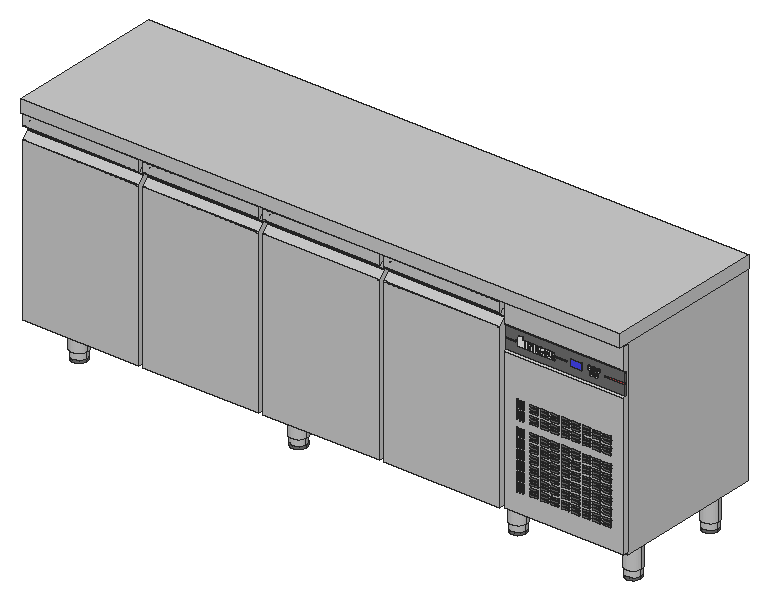
Revit family "QF_INOMAK_PMRP9999_250528093421", category Specialty Equipment, Revit 2021
Family settings
  Round Connector Dimension = Use Diameter
  Part Type = Normal
  OmniClass Number = 23.40.40.14
  OmniClass Title = Food Service Equipment
  Work Plane-Based = No
  Always vertical = Yes
  Cut with Voids When Loaded = No
  Shared = No
  Room Calculation Point = No
Parameters (values of type "PMRP9999")
  Weight [instance] = 155.999 kg
  Waste Water Discharge Temperature [instance] = 0 °C
  Waste Remarks [instance] = ""
  Warranty Start Date [instance] = ""
  Warranty Duration [instance] = ""
  Volts [instance] = 230 V
  Volt Free Conn [instance] = no
  URL Recommended Spares List [instance] = ""
  URL Manufacturer [instance] = ""
  URL Cutsheet [instance] = ""
  URL Critical Spares List [instance] = ""
  URL = "www.inomak.com"
  Technical Documentation [instance] = ""
  Tag Number [instance] = ""
  Status [instance] = ""
  Start Up Current [instance] = 0 A
  Specification by User [instance] = ""
  Specification by Manufacturer [instance] = ""
  Sound Level [instance] = ""
  Show Logo [instance] = yes
  Show Clearances [instance] = yes
  Service Life Duration [instance] = ""
  Serial Number [instance] = ""
  Seismic Rating [instance] = ""
  SMACNA No [instance] = ""
  Revision Code [instance] = ""
  Revision [instance] = ""
  Production Year [instance] = ""
  Potential Equalisation [instance] = no
  Point Load [instance] = 0
  Plumbing Connection Type [instance] = ""
  Phase [instance] = 1
  Other Equipment Approvals [instance] = ""
  Operational Current [instance] = 0 A
  Number of Poles [instance] = 2
  No Load Power Draw [instance] = no
  NAFEM Spec ID Number [instance] = ""
  Model Warning [instance] = ""
  Model = "PMRP9999"
  Min Ckt Ampacity [instance] = 0 A
  Max Overcurrent Protection [instance] = 10 A
  Masterspec [instance] = ""
  Manufacturer = "INOMAK"
  Main switch integrated [instance] = no
  Length Actual [instance] = 2242.058 mm
  Item Number [instance] = ""
  Installed By [instance] = ""
  Installation Date [instance] = ""
  Indirect Waste Size [instance] = 25.4 mm
  Indirect Waste Remarks [instance] = ""
  Indirect Waste Flow [instance] = 0.0 L/s
  Indirect Waste Connection Type [instance] = ""
  Indirect Waste Connection Height [instance] = 0 mm
  Identify Quantity as Lot [instance] = no
  ID [instance] = ""
  Hygiene Approval [instance] = ""
  Height Actual [instance] = 899.922 mm
  HP power [instance] = ""
  Furnished By [instance] = ""
  Foodservice Equipment Identifier [instance] = no
  FL Amps [instance] = 3.1 A
  Electrical Remarks [instance] = ""
  Electric power [instance] = 450 W
  Electric Connection Type [instance] = ""
  Elec Conn RI Height [instance] = 0 mm
  Elec Conn Connection Height [instance] = 0 mm
  ETL Approved [instance] = no
  Direct Waste Water Discharge Temperature [instance] = -273.15 °C
  Direct Waste Size [instance] = 25.4 mm
  Direct Waste RI Height [instance] = 0 mm
  Direct Waste Flow [instance] = 0.0 L/s
  Direct Waste Connection Height [instance] = 0 mm
  Description = "CLOVER CHILLER COUNTER WITH 4 DOORS, COMPACT DIMENSIONS"
  Depth Actual [instance] = 599.948 mm
  Default Elevation = 0 mm
  Cycle [instance] = 50 Hz
  Cost = 0
  Connection to energy optimisation system [instance] = yes
  Conn Plug [instance] = ""
  Conn Conduit [instance] = no
  Centralized building control system with digital interface [instance] = ""
  CSI MasterFormat [instance] = ""
  CE Approved [instance] = no
  Barcode [instance] = 0
  Author [instance] = ""
  Asset Identifier [instance] = ""
  Apparent Power [instance] = 450 VA
  Accessory [instance] = no
Reference planes
  plane 1 "Center (Front/Back)": y = 0
  plane 2: z = 0
  plane 3 "Center (Left/Right)": x = 0
Forms (mm)
  Extrusion 1, solid, not visible
    sketch origin (2035.099, -260.013, 146.007) x (1, 0, 0) y (0, 1, 0)
      loop
        line (-2, 2) -> (-2, -2) -> (2, -2) -> (2, 2) -> (-2, 2)
    from -2 to 2
  Extrusion 2, solid, not visible
    sketch origin (1830.089, -100.005, 146.007) x (1, 0, 0) y (0, 1, 0)
      loop
        line (-2, 2) -> (-2, -2) -> (2, -2) -> (2, 2) -> (-2, 2)
    from -2 to 2
Dimensions and locks
  locked: nested 2 to Extrusion 1 at 2  (x2)
  locked: nested 3 to Extrusion 2 at 2  (x2)
  aligned and locked: level to plane 2
Nested families
  nested 1: "QF_INOMAK_REF_COUNTERS_2240_2920" at (0, 0, 144), type "PMRP9999"
    with Weight 155.999 kg, Warranty Start Date "", Warranty Duration "", URL Cutsheet "", Technical Documentation "", Tag Number "", Status "", Specification by User "", Specification by Manufacturer "", Sound Level "", Solid Fuel Type "", Show Clearances yes, Show Clearance yes, Service Life Duration "", Serial Number "", Seismic Rating "", SMACNA No "", Revision Code "", Revision "", Production Year "", Point Load 0, Other Equipment Approvals "", NAFEM Spec ID Number "", Model Warning "", Masterspec "", Length Actual 2242.058 mm, Item Number "", Installed By "", Installation Date "", Identify Quantity as Lot yes, ID "", Hygiene Approval "", Height Actual 899.922 mm, Furnished By "", Foodservice Equipment Identifier yes, Finish none, ETL Approved yes, Depth Actual 599.948 mm, CSI MasterFormat "", CE Approved yes, Barcode "", Author "", Asset Identifier "", Accessory no
  nested 2: "CONN_POINT_DRAIN_2D___Generic_Annotation" at (2035.099, -260.013, 144.007), type "CONN_POINT_DRAIN_2D___Generic_Annotation"
    with Onboard connection annotation symbol visibility yes
  nested 3: "CONN_POINT_ELE_2D___Generic_Annotation" at (1830.089, -100.005, 144.007), type "CONN_POINT_ELE_2D___Generic_Annotation"
    with Onboard connection annotation symbol visibility yes
  nested 4: "QF_INOMAK_REF_COUNTERS_DOORS_DRAWERS_7216" at (0, -600, 144), type "DR-LX-710"
    with Weight 0.00 kg, Warranty Start Date "", Warranty Duration "", URL Cutsheet "", Top inset 10 mm, Technical Documentation "", Tag Number "", Status "", Specification by User "", Specification by Manufacturer "", Sound Level "", Solid Fuel Type "", Show Logo yes, Show Clearances yes, Service Life Duration "", Serial Number "", Seismic Rating "", SMACNA No "", Right panel thickness 0 mm, Revision Code "", Revision "", Rear inset 0 mm, Production Year "", Point Load 0, Plinth height 0 mm, Other Equipment Approvals "", NAFEM Spec ID Number "", Model Warning "", Masterspec "", Length Actual 435.102 mm, Left panel thickness 0 mm, Item Number "", Installed By "", Installation Date "", Identify Quantity as Lot yes, ID "", Hygiene Approval "", Height Actual 709.93 mm, Furnished By "", Front inset 10 mm, Foodservice Equipment Identifier yes, Finish none, ETL Approved yes, Doors drawers type 8, Depth Actual 80.01 mm, CSI MasterFormat "", CE Approved yes, Bottom inset 10 mm, Barcode "", Author "", Asset Identifier "", Accessory yes
  nested 5: "QF_INOMAK_REF_COUNTERS_DOORS_DRAWERS_16690" at (450, -600, 144), type "DR-RX-710"
    with Weight 0.00 kg, Warranty Start Date "", Warranty Duration "", URL Cutsheet "", Top inset 10 mm, Technical Documentation "", Tag Number "", Status "", Specification by User "", Specification by Manufacturer "", Sound Level "", Solid Fuel Type "", Show Logo yes, Show Clearances yes, Service Life Duration "", Serial Number "", Seismic Rating "", SMACNA No "", Right panel thickness 0 mm, Revision Code "", Revision "", Rear inset 0 mm, Production Year "", Point Load 0, Plinth height 0 mm, Other Equipment Approvals "", NAFEM Spec ID Number "", Model Warning "", Masterspec "", Length Actual 435.102 mm, Left panel thickness 0 mm, Item Number "", Installed By "", Installation Date "", Identify Quantity as Lot yes, ID "", Hygiene Approval "", Height Actual 709.93 mm, Furnished By "", Front inset 10 mm, Foodservice Equipment Identifier yes, Finish none, ETL Approved yes, Doors drawers type 9, Depth Actual 80.01 mm, CSI MasterFormat "", CE Approved yes, Bottom inset 10 mm, Barcode "", Author "", Asset Identifier "", Accessory yes
  nested 6: "QF_INOMAK_REF_COUNTERS_DOORS_DRAWERS_26161" at (900, -600, 144), type "DR-LX-710"
    with Weight 0.00 kg, Warranty Start Date "", Warranty Duration "", URL Cutsheet "", Top inset 10 mm, Technical Documentation "", Tag Number "", Status "", Specification by User "", Specification by Manufacturer "", Sound Level "", Solid Fuel Type "", Show Logo yes, Show Clearances yes, Service Life Duration "", Serial Number "", Seismic Rating "", SMACNA No "", Right panel thickness 0 mm, Revision Code "", Revision "", Rear inset 0 mm, Production Year "", Point Load 0, Plinth height 0 mm, Other Equipment Approvals "", NAFEM Spec ID Number "", Model Warning "", Masterspec "", Length Actual 435.102 mm, Left panel thickness 0 mm, Item Number "", Installed By "", Installation Date "", Identify Quantity as Lot yes, ID "", Hygiene Approval "", Height Actual 709.93 mm, Furnished By "", Front inset 10 mm, Foodservice Equipment Identifier yes, Finish none, ETL Approved yes, Doors drawers type 8, Depth Actual 80.01 mm, CSI MasterFormat "", CE Approved yes, Bottom inset 10 mm, Barcode "", Author "", Asset Identifier "", Accessory yes
  nested 7: "QF_INOMAK_REF_COUNTERS_DOORS_DRAWERS_35614" at (1350, -600, 144), type "DR-RX-710"
    with Weight 0.00 kg, Warranty Start Date "", Warranty Duration "", URL Cutsheet "", Top inset 10 mm, Technical Documentation "", Tag Number "", Status "", Specification by User "", Specification by Manufacturer "", Sound Level "", Solid Fuel Type "", Show Logo yes, Show Clearances yes, Service Life Duration "", Serial Number "", Seismic Rating "", SMACNA No "", Right panel thickness 0 mm, Revision Code "", Revision "", Rear inset 0 mm, Production Year "", Point Load 0, Plinth height 0 mm, Other Equipment Approvals "", NAFEM Spec ID Number "", Model Warning "", Masterspec "", Length Actual 435.102 mm, Left panel thickness 0 mm, Item Number "", Installed By "", Installation Date "", Identify Quantity as Lot yes, ID "", Hygiene Approval "", Height Actual 709.93 mm, Furnished By "", Front inset 10 mm, Foodservice Equipment Identifier yes, Finish none, ETL Approved yes, Doors drawers type 9, Depth Actual 80.01 mm, CSI MasterFormat "", CE Approved yes, Bottom inset 10 mm, Barcode "", Author "", Asset Identifier "", Accessory yes
  nested 8: "QF_INOMAK_REF_COUNTERS_WORKTOPS_45085" at (0, 0, 854), type "WTWT-2240-600"
    with Worktop without backsplash yes, Worktop with backsplash no, Worktop type 3, Worktop thickness 46 mm, Without worktop no, Weight 0.00 kg, Warranty Start Date "", Warranty Duration "", URL Cutsheet "", Technical Documentation "", Tag Number "", Status "", Specification by User "", Specification by Manufacturer "", Sound Level "", Solid Fuel Type "", Show Logo yes, Show Clearances yes, Service Life Duration "", Serial Number "", Seismic Rating "", SMACNA No "", Revision Code "", Revision "", Production Year "", Point Load 0, Other Equipment Approvals "", NAFEM Spec ID Number "", Model Warning "", Masterspec "", Length Actual 2242.058 mm, Item Number "", Installed By "", Installation Date "", Identify Quantity as Lot yes, ID "", Hygiene Approval "", Height Actual 45.974 mm, Height AFF 0 mm, Furnished By "", Foodservice Equipment Identifier yes, Finish none, ETL Approved yes, Depth Actual 599.948 mm, CSI MasterFormat "", CE Approved yes, Barcode "", Backsplash thickness 20 mm, Backsplash height 60 mm, Author "", Asset Identifier "", Accessory yes
  nested 9: "QF_INOMAK_REF_COUNTERS_LEGS_46914" at (0, 0, 0), type "LG-2240-600"
    with Weight 0.00 kg, Warranty Start Date "", Warranty Duration "", URL Cutsheet "", Technical Documentation "", Tag Number "", Status "", Specification by User "", Specification by Manufacturer "", Sound Level "", Solid Fuel Type "", Show Logo yes, Show Clearances yes, Service Life Duration "", Serial Number "", Seismic Rating "", SMACNA No "", Revision Code "", Revision "", Production Year "", Point Load 0, Other Equipment Approvals "", NAFEM Spec ID Number "", Model Warning "", Masterspec "", Length Actual 2242.058 mm, Legs inset right 70 mm, Legs inset rear 90 mm, Legs inset left 100 mm, Legs inset front 150 mm, Item Number "", Installed By "", Installation Date "", Identify Quantity as Lot yes, ID "", Hygiene Approval "", Height Actual 144.018 mm, Furnished By "", Foodservice Equipment Identifier yes, ETL Approved yes, Depth Actual 599.948 mm, CentralLegs yes, CSI MasterFormat "", CE Approved yes, Barcode "", Author "", Asset Identifier "", Accessory yes
Connectors
  piping at (2035.099, -260.013, 144.007), diameter 25.4, driven by "Indirect Waste Size", driven by "Direct Waste Flow"
    settings: on Extrusion 1, index 1, connector inside diameter 609.6 mm, connector length 0 mm, flow factor 0, pipe flow 0.0 L/s, pressure drop 0.0 Pa, fitting loss kfactor 0, connector angle 0.00°, fixture units 0, engagement length 0 mm, angle of deflection 0.00°, flow configuration 1, flow direction 2, fitting loss method 0, system type 16, joint type 0, gender type 0, connector reference index -1, connector utility 0, adjustable connector no, is connector primary yes, connector description "Waste connection for PMRP9999"
  electrical at (1830.089, -100.005, 144.007), driven by "Apparent Power", driven by "Number of Poles", driven by "Volts"
    settings: on Extrusion 2, index 2, voltage 230 V, apparent load 0 VA, apparent load phase1 450 VA, apparent load phase2 0 VA, apparent load phase3 0 VA, power factor 1, load classification "Other", number of poles 2, system type 31, power factor state 1, is connector primary yes, connector utility no, sub classification motor no, connector description "Electrical connection for PMRP9999"
Definition of nested family "QF_INOMAK_REF_COUNTERS_2240_2920"
  Parameters (values of type "PNRP9999")
    Weight [instance] = 0.00 kg
    Warranty Start Date [instance] = ""
    Warranty Duration [instance] = ""
    URL Cutsheet [instance] = ""
    URL = "www.inomak.com"
    Technical Documentation [instance] = ""
    Tag Number [instance] = ""
    Status [instance] = ""
    Specification by User [instance] = ""
    Specification by Manufacturer [instance] = ""
    Sound Level [instance] = ""
    Solid Fuel Type [instance] = ""
    Show Logo = yes
    Show Clearances [instance] = yes
    Show Clearance [instance] = yes
    Service Life Duration [instance] = ""
    Serial Number [instance] = ""
    Seismic Rating [instance] = ""
    SMACNA No [instance] = ""
    Revision Code [instance] = ""
    Revision [instance] = ""
    Production Year [instance] = ""
    Point Load [instance] = 0
    Other Equipment Approvals [instance] = ""
    NAFEM Spec ID Number [instance] = ""
    Model Warning [instance] = ""
    Model = "PNRP9999"
    Masterspec [instance] = ""
    Manufacturer = "INOMAK"
    Length Actual [instance] = 0 mm
    Length = 2242 mm
    Item Number [instance] = ""
    Installed By [instance] = ""
    Installation Date [instance] = ""
    Identify Quantity as Lot [instance] = yes
    ID [instance] = ""
    Hygiene Approval [instance] = ""
    Height Actual [instance] = 0 mm
    Height = 710 mm
    Furnished By [instance] = ""
    Foodservice Equipment Identifier [instance] = yes
    Finish [instance] = none
    ETL Approved [instance] = yes
    Description = "PINE REFRIGERATED COUNTER WITH 4 GN 1/1 DOORS"
    Depth Actual [instance] = 0 mm
    Depth = 700 mm
    Default Elevation = 0 mm
    CSI MasterFormat [instance] = ""
    CE Approved [instance] = yes
    Barcode [instance] = ""
    Author [instance] = ""
    Asset Identifier [instance] = ""
    Assembly Code = "E1090320"
    Accessory [instance] = yes
  Types (2, lengths in mm): name | Model | Description | Depth
    PNRP9999 | "PNRP9999" | "PINE REFRIGERATED COUNTER WITH 4 GN 1/1 DOORS" | 700
    PMRP9999 | "PMRP9999" | "CLOVER CHILLER COUNTER WITH 4 DOORS, COMPACT DIMENSIONS" | 600
  Reference planes
    plane 1 "Back": y = 0
    plane 2: z = 0
    plane 3 "Left": x = 0
    plane 4 "Right": x = 2242
    plane 5 "Front": y = -700
    plane 6 "Top": z = 710
  Forms (mm)
    Extrusion 1, solid, material <- "Finish"
      sketch origin (0, 0, 0) x (1, 0, 0) y (0, 1, 0)
        loop
          line (0, -648) -> (30, -648) -> (30, -30) -> (1767, -30) -> (1767, -648) -> (1797, -648) -> (1797, -665) -> (2242, -665) -> (2242, 0) -> (0, 0) -> (0, -648)
      from 0 to 710
    Extrusion 2, solid, material <- "Finish"
      sketch origin (0, 0, 0) x (1, 0, 0) y (0, 1, 0)
        loop
          line (30, -30) -> (30, -648) -> (1767, -648) -> (1767, -30) -> (30, -30)
      from 0 to 45
    Extrusion 3, solid, material <- "Finish"
      sketch origin (0, 0, 710) x (0, 1, 0) y (-1, 0, 0)
        loop
          line (-30, -30) -> (-648, -30) -> (-648, -1767) -> (-30, -1767) -> (-30, -30)
      from 0 to -30
    Extrusion 4, solid, material <- "Finish"
      sketch origin (2242, 0, 0) x (0, -1, 0) y (0, 0, 1)
        loop
          line (683.05, 705) -> (665, 705) -> (665, 10) -> (683.05, 10) -> (683.05, 532.058) -> (676.05, 539.058) -> (676.05, 618.864) -> (683.05, 625.864) -> (683.05, 705)
      from 0 to 445
    Extrusion 5, solid
      sketch origin (0, -700, 0) x (-1, 0, 0) y (0, 0, 1)
        loop
          circle (-2108.654, 586.73) r 6.965
        loop
          circle (-2125.685, 586.73) r 6.965
        loop
          circle (-2142.694, 586.73) r 6.965
        loop
          circle (-2117.18, 568.729) r 6.965
        loop
          circle (-2134.189, 568.729) r 6.965
        loop
          circle (-2108.654, 586.73) r 3.965
        loop
          circle (-2125.685, 586.73) r 3.965
        loop
          circle (-2142.694, 586.73) r 3.965
        loop
          circle (-2117.18, 568.729) r 3.965
        loop
          circle (-2134.189, 568.729) r 3.965
      from 23 to 25.5
    Extrusion 6, solid
      sketch origin (0, -700, 0) x (-1, 0, 0) y (0, 0, 1)
        loop
          line (-2080.865, 590.461) -> (-2080.865, 567.461) -> (-2040.865, 567.461) -> (-2040.865, 590.461) -> (-2080.865, 590.461)
      from 23 to 25.5
    Extrusion 7, solid
      sketch origin (0, -700, 0) x (-1, 0, 0) y (0, 0, 1)
        loop
          line (-1797, 618.864) -> (-2242, 618.864) -> (-2242, 539.058) -> (-1797, 539.058) -> (-1797, 618.864)
      from 23.5 to 25.5
    Extrusion 8, solid, visible <- "Show Logo"
      sketch origin (0, -700, 0) x (-1, 0, 0) y (0, 0, 1)
        loop
          line (-1841.061, 591.01) -> (-1847.061, 591.01) -> (-1847.061, 602.118) -> (-1861.298, 602.118) -> (-1861.298, 591.01) -> (-1867.298, 591.01) -> (-1867.298, 564.76) -> (-1841.061, 564.76) -> (-1841.061, 591.01)
        loop
          line (-1871.613, 590.698) -> (-1878.903, 590.698) -> (-1878.903, 564.76) -> (-1871.613, 564.76) -> (-1871.613, 590.698)
        loop
          line (-1881.422, 564.76) -> (-1881.422, 590.698) -> (-1888.256, 590.698) -> (-1891.449, 578.78) -> (-1891.449, 590.698) -> (-1897.982, 590.698) -> (-1897.982, 564.76) -> (-1891.449, 564.76) -> (-1887.735, 578.623) -> (-1887.735, 564.76) -> (-1881.422, 564.76)
        loop
          line (-1918.664, 564.76) -> (-1918.664, 590.698) -> (-1927.626, 590.698) -> (-1929.988, 576.688) -> (-1932.35, 590.698) -> (-1941.312, 590.698) -> (-1941.312, 564.76) -> (-1934.687, 564.76) -> (-1934.687, 578.623) -> (-1932.35, 564.76) -> (-1927.626, 564.76) -> (-1925.289, 578.623) -> (-1925.289, 564.76) -> (-1918.664, 564.76)
        loop
          line (-1903.851, 590.698) -> (-1913.176, 590.698)
          arc (-1913.176, 590.698) -> (-1915.773, 589.622) -> (-1916.849, 587.026) r 3.672
          line (-1916.849, 587.026) -> (-1916.849, 568.433)
          arc (-1916.849, 568.433) -> (-1915.773, 565.836) -> (-1913.176, 564.76) r 3.672
          line (-1913.176, 564.76) -> (-1903.851, 564.76)
          arc (-1903.851, 564.76) -> (-1901.255, 565.836) -> (-1900.179, 568.433) r 3.672
          line (-1900.179, 568.433) -> (-1900.179, 587.026)
          arc (-1900.179, 587.026) -> (-1901.255, 589.622) -> (-1903.851, 590.698) r 3.672
        loop
          arc (-1907.487, 587.542) -> (-1908.514, 588.569) -> (-1909.541, 587.542) r 1.027
          line (-1909.541, 587.542) -> (-1909.541, 568.949)
          arc (-1909.541, 568.949) -> (-1908.514, 567.922) -> (-1907.487, 568.949) r 1.027
          line (-1907.487, 568.949) -> (-1907.487, 587.542)
        loop
          line (-1942.382, 564.76) -> (-1946.755, 590.698) -> (-1955.615, 590.698) -> (-1959.988, 564.76) -> (-1953.461, 564.76) -> (-1952.852, 569.723) -> (-1949.518, 569.723) -> (-1948.909, 564.76) -> (-1942.382, 564.76)
        loop
          line (-1950.074, 574.252) -> (-1951.185, 583.299) -> (-1952.296, 574.252) -> (-1950.074, 574.252)
        loop
          line (-1960.954, 564.76) -> (-1960.954, 590.698) -> (-1967.579, 590.698) -> (-1967.579, 581.585) -> (-1970.365, 590.698) -> (-1977.803, 590.698) -> (-1973.474, 579.422) -> (-1978.522, 564.76) -> (-1970.939, 564.76) -> (-1967.579, 577.3) -> (-1967.579, 564.76) -> (-1960.954, 564.76)
      from 23 to 25.5
    Extrusion 9, solid
      sketch origin (0, -700, 0) x (-1, 0, 0) y (0, 0, 1)
        loop
          line (-1797, 580.961) -> (-1833.995, 580.961) -> (-1833.995, 576.961) -> (-1797, 576.961) -> (-1797, 580.961)
        loop
          line (-1982, 580.961) -> (-2026.365, 580.961) -> (-2026.365, 576.961) -> (-1982, 576.961) -> (-1982, 580.961)
        loop
          line (-2242, 580.961) -> (-2242, 576.961) -> (-2168.755, 576.961) -> (-2168.755, 580.961) -> (-2242, 580.961)
      from 23 to 25.5
  Cuts and joins
    joined: Extrusion 1, Extrusion 2, Extrusion 3
  Lines and regions (mm)
    symbolic lines, visible <- "Show Clearance"
      curve 1: line (0, 0, 0) -> (2242, 0, 0)
      curve 2: line (2242, 0, 0) -> (2242, -700, 0)
      curve 3: line (2242, -700, 0) -> (0, -700, 0)
      curve 4: line (0, -700, 0) -> (0, 0, 0)
  Dimensions and locks
    "Length": plane 3 "Left" to plane 4 "Right"
    "Depth": plane 5 "Front" to plane 1 "Back"
    "Height": plane 6 "Top" to plane 2
    aligned and locked: level to plane 2
    aligned and locked: plane 6 "Top" to Extrusion 1
    aligned and locked: nested 1 to plane 4 "Right"
    aligned and locked: plane 5 "Front" to nested 1
    aligned and locked: plane 5 "Front" to curve 3
  Automatic sketch dimensions
    plane 3 "Left" to Extrusion 2 sketch curve = 30 mm
    plane 4 "Right" to Extrusion 2 sketch curve = 475 mm
    plane 1 "Back" to Extrusion 2 sketch curve = 30 mm
    plane 1 "Back" to Extrusion 3 sketch curve = 30 mm
    plane 4 "Right" to Extrusion 3 sketch curve = 475 mm
    plane 3 "Left" to Extrusion 3 sketch curve = 30 mm
    Extrusion 1 sketch curve to plane 3 "Left" = 0 mm
    plane 1 "Back" to Extrusion 1 sketch curve = 0 mm
    Extrusion 1 sketch curve to plane 4 "Right" = 0 mm
    plane 3 "Left" to Extrusion 1 sketch curve = 30 mm
    plane 1 "Back" to Extrusion 1 sketch curve = 30 mm
    plane 4 "Right" to Extrusion 1 sketch curve = 475 mm
    Extrusion 1 sketch curve to Extrusion 1 sketch curve = 30 mm
    plane 5 "Front" to Extrusion 1 sketch curve = 35 mm
    plane 5 "Front" to Extrusion 1 sketch curve = 52 mm
    Extrusion 1 sketch curve to Extrusion 1 sketch curve = 17 mm
    plane 5 "Front" to Extrusion 2 sketch curve = 52 mm
    plane 5 "Front" to Extrusion 3 sketch curve = 52 mm
    Extrusion 4 sketch curve to plane 6 "Top" = 5 mm
    plane 5 "Front" to Extrusion 4 sketch curve = 35 mm
    plane 5 "Front" to Extrusion 4 sketch curve = 23.95 mm
    Extrusion 4 sketch curve to Extrusion 4 sketch curve = 7 mm  (x4)
    Extrusion 4 sketch curve to Extrusion 4 sketch curve = 79.136 mm
    Extrusion 4 sketch curve to Extrusion 4 sketch curve = 79.807 mm
    level to Extrusion 4 sketch curve = 10 mm
    Extrusion 5 sketch curve to Extrusion 5 sketch curve = 0 mm  (x13)
    plane 4 "Right" to Extrusion 5 sketch curve = 99.306 mm
    Extrusion 5 sketch curve to Extrusion 5 sketch curve = 8.505 mm
    Extrusion 5 sketch curve to Extrusion 5 sketch curve = 17.009 mm  (x2)
    Extrusion 5 sketch curve to Extrusion 5 sketch curve = 17.03 mm
    Extrusion 5 sketch curve to plane 6 "Top" = 141.271 mm
    Extrusion 5 sketch curve to Extrusion 5 sketch curve = 18.001 mm
    plane 4 "Right" to Extrusion 6 sketch curve = 161.135 mm
    Extrusion 6 sketch curve to Extrusion 6 sketch curve = 40 mm
    Extrusion 6 sketch curve to plane 6 "Top" = 142.539 mm
    Extrusion 6 sketch curve to Extrusion 6 sketch curve = 23 mm
    plane 4 "Right" to Extrusion 7 sketch curve = 0 mm
    Extrusion 7 sketch curve to plane 6 "Top" = 170.942 mm
    plane 4 "Right" to Extrusion 7 sketch curve = 445 mm
    Extrusion 7 sketch curve to Extrusion 7 sketch curve = 79.807 mm
    plane 4 "Right" to Extrusion 8 sketch curve = 263.478 mm
    Extrusion 8 sketch curve to Extrusion 8 sketch curve = 0.72 mm
    Extrusion 8 sketch curve to plane 6 "Top" = 130.578 mm
    Extrusion 8 sketch curve to Extrusion 8 sketch curve = 4.329 mm
    Extrusion 8 sketch curve to Extrusion 8 sketch curve = 7.584 mm
    Extrusion 8 sketch curve to plane 6 "Top" = 119.302 mm  (x2)
    Extrusion 8 sketch curve to Extrusion 8 sketch curve = 7.438 mm
    Extrusion 8 sketch curve to plane 6 "Top" = 132.7 mm
    Extrusion 8 sketch curve to Extrusion 8 sketch curve = 5.895 mm
    Extrusion 8 sketch curve to plane 6 "Top" = 128.415 mm
    Extrusion 8 sketch curve to Extrusion 8 sketch curve = 0 mm  (x11)
    Extrusion 8 sketch curve to Extrusion 8 sketch curve = 6.625 mm  (x2)
    Extrusion 8 sketch curve to Extrusion 8 sketch curve = 0.965 mm
    Extrusion 8 sketch curve to Extrusion 8 sketch curve = 5.338 mm
    Extrusion 8 sketch curve to Extrusion 8 sketch curve = 6.527 mm  (x2)
    Extrusion 8 sketch curve to plane 6 "Top" = 140.277 mm
    Extrusion 8 sketch curve to Extrusion 8 sketch curve = 0.609 mm
    Extrusion 8 sketch curve to plane 6 "Top" = 135.748 mm
    Extrusion 8 sketch curve to Extrusion 8 sketch curve = 0.556 mm
    Extrusion 8 sketch curve to plane 6 "Top" = 126.701 mm
    Extrusion 8 sketch curve to Extrusion 8 sketch curve = 4.43 mm  (x2)
    Extrusion 8 sketch curve to Extrusion 8 sketch curve = 2.222 mm
    Extrusion 8 sketch curve to Extrusion 8 sketch curve = 3.334 mm
    Extrusion 8 sketch curve to Extrusion 8 sketch curve = 4.552 mm
    Extrusion 8 sketch curve to plane 6 "Top" = 145.24 mm  (x2)
    Extrusion 8 sketch curve to Extrusion 8 sketch curve = 1.069 mm
    Extrusion 8 sketch curve to plane 6 "Top" = 131.377 mm  (x2)
    Extrusion 8 sketch curve to Extrusion 8 sketch curve = 8.962 mm  (x2)
    Extrusion 8 sketch curve to Extrusion 8 sketch curve = 2.337 mm
    Extrusion 8 sketch curve to plane 6 "Top" = 133.312 mm
    Extrusion 8 sketch curve to Extrusion 8 sketch curve = 4.699 mm  (x2)
    Extrusion 8 sketch curve to Extrusion 8 sketch curve = 4.724 mm  (x2)
    Extrusion 8 sketch curve to Extrusion 8 sketch curve = 1.815 mm
    Extrusion 8 sketch curve to Extrusion 8 sketch curve = 3.672 mm  (x8)
    Extrusion 8 sketch curve to Extrusion 8 sketch curve = 3.636 mm  (x3)
    Extrusion 8 sketch curve to Extrusion 8 sketch curve = 1.027 mm
    Extrusion 8 sketch curve to Extrusion 8 sketch curve = 2.197 mm
    Extrusion 8 sketch curve to Extrusion 8 sketch curve = 6.532 mm  (x2)
    Extrusion 8 sketch curve to Extrusion 8 sketch curve = 3.194 mm
    Extrusion 8 sketch curve to Extrusion 8 sketch curve = 3.714 mm
    Extrusion 8 sketch curve to Extrusion 8 sketch curve = 6.312 mm
    Extrusion 8 sketch curve to Extrusion 8 sketch curve = 2.52 mm
    Extrusion 8 sketch curve to Extrusion 8 sketch curve = 7.29 mm
    Extrusion 8 sketch curve to Extrusion 8 sketch curve = 4.315 mm
    Extrusion 8 sketch curve to Extrusion 8 sketch curve = 6 mm
    Extrusion 8 sketch curve to Extrusion 8 sketch curve = 14.237 mm
    Extrusion 8 sketch curve to Extrusion 8 sketch curve = 26.237 mm
    Extrusion 8 sketch curve to Extrusion 8 sketch curve = 14.661 mm
    Extrusion 8 sketch curve to Extrusion 8 sketch curve = 4.963 mm
    Extrusion 8 sketch curve to Extrusion 8 sketch curve = 0.516 mm  (x2)
    Extrusion 8 sketch curve to Extrusion 8 sketch curve = 13.862 mm
    Extrusion 8 sketch curve to Extrusion 8 sketch curve = 0.157 mm
    Extrusion 8 sketch curve to Extrusion 8 sketch curve = 26.25 mm
    Extrusion 8 sketch curve to Extrusion 8 sketch curve = 0.312 mm
    Extrusion 8 sketch curve to Extrusion 8 sketch curve = 11.107 mm
    plane 4 "Right" to Extrusion 9 sketch curve = 0 mm
    plane 4 "Right" to Extrusion 9 sketch curve = 73.245 mm
    Extrusion 9 sketch curve to Extrusion 9 sketch curve = 142.39 mm
    Extrusion 9 sketch curve to Extrusion 9 sketch curve = 44.365 mm
    Extrusion 9 sketch curve to Extrusion 9 sketch curve = 148.005 mm
    Extrusion 9 sketch curve to Extrusion 9 sketch curve = 36.995 mm
    Extrusion 9 sketch curve to plane 6 "Top" = 133.039 mm  (x3)
    Extrusion 9 sketch curve to Extrusion 9 sketch curve = 4 mm  (x3)
    plane 1 "Back" to curve 1 = 0 mm
    curve 1 to plane 3 "Left" = 0 mm
    curve 2 to plane 4 "Right" = 0 mm
    radius of Extrusion 5 sketch curve = 6.965 mm  (x5)
    radius of Extrusion 5 sketch curve = 3.965 mm  (x5)
  Nested families
    nested 1: "QF_INOMAK_CONRTOL-PANEL" at (2242, 0, 0), type "PNRP9999"
      with Show Clearance yes
  Definition of nested family "QF_INOMAK_CONRTOL-PANEL"
    Parameters (values of type "PNRP9999")
      URL = ""
      Show Logo = yes
      Show Clearance [instance] = yes
      Model = ""
      Manufacturer = ""
      Length = 0 mm
      Height = 710 mm
      Front offset = 80 mm
      Description = ""
      Depth = 700 mm
      Default Elevation = 0 mm
      Assembly Code = ""
    Reference planes
      plane 1 "Back": y = 0
      plane 2: z = 0
      plane 3 "Left": x = 0
      plane 4 "Right": x = 0
      plane 5 "Front": y = -700
      plane 6 "Top": z = 710
      plane 7 "Front offset": y = -620
    Forms (mm)
      Extrusion 1, solid
        sketch origin (-2240, -700, 0) x (-1, 0, 0) y (0, 0, 1)
          loop
            arc (-2191.4, 389.855) -> (-2194.4, 386.855) -> (-2191.4, 383.855) r 3
            line (-2191.4, 383.855) -> (-2167.4, 383.855)
            arc (-2167.4, 383.855) -> (-2164.4, 386.855) -> (-2167.4, 389.855) r 3
            line (-2167.4, 389.855) -> (-2191.4, 389.855)
          loop
            arc (-2152.4, 389.855) -> (-2155.4, 386.855) -> (-2152.4, 383.855) r 3
            line (-2152.4, 383.855) -> (-2128.4, 383.855)
            arc (-2128.4, 383.855) -> (-2125.4, 386.855) -> (-2128.4, 389.855) r 3
            line (-2128.4, 389.855) -> (-2152.4, 389.855)
          loop
            arc (-2113.4, 389.855) -> (-2116.4, 386.855) -> (-2113.4, 383.855) r 3
            line (-2113.4, 383.855) -> (-2089.4, 383.855)
            arc (-2089.4, 383.855) -> (-2086.4, 386.855) -> (-2089.4, 389.855) r 3
            line (-2089.4, 389.855) -> (-2113.4, 389.855)
          loop
            arc (-2074.4, 389.855) -> (-2077.4, 386.855) -> (-2074.4, 383.855) r 3
            line (-2074.4, 383.855) -> (-2050.4, 383.855)
            arc (-2050.4, 383.855) -> (-2047.4, 386.855) -> (-2050.4, 389.855) r 3
            line (-2050.4, 389.855) -> (-2074.4, 389.855)
          loop
            arc (-2035.4, 389.855) -> (-2038.4, 386.855) -> (-2035.4, 383.855) r 3
            line (-2035.4, 383.855) -> (-2011.4, 383.855)
            arc (-2011.4, 383.855) -> (-2008.4, 386.855) -> (-2011.4, 389.855) r 3
            line (-2011.4, 389.855) -> (-2035.4, 389.855)
          loop
            arc (-1996.4, 389.855) -> (-1999.4, 386.855) -> (-1996.4, 383.855) r 3
            line (-1996.4, 383.855) -> (-1972.4, 383.855)
            arc (-1972.4, 383.855) -> (-1969.4, 386.855) -> (-1972.4, 389.855) r 3
            line (-1972.4, 389.855) -> (-1996.4, 389.855)
          loop
            arc (-1957.4, 389.855) -> (-1960.4, 386.855) -> (-1957.4, 383.855) r 3
            line (-1957.4, 383.855) -> (-1933.4, 383.855)
            arc (-1933.4, 383.855) -> (-1930.4, 386.855) -> (-1933.4, 389.855) r 3
            line (-1933.4, 389.855) -> (-1957.4, 389.855)
          loop
            arc (-1918.4, 389.855) -> (-1921.4, 386.855) -> (-1918.4, 383.855) r 3
            line (-1918.4, 383.855) -> (-1894.4, 383.855)
            arc (-1894.4, 383.855) -> (-1891.4, 386.855) -> (-1894.4, 389.855) r 3
            line (-1894.4, 389.855) -> (-1918.4, 389.855)
          loop
            arc (-2191.4, 378.855) -> (-2194.4, 375.855) -> (-2191.4, 372.855) r 3
            line (-2191.4, 372.855) -> (-2167.4, 372.855)
            arc (-2167.4, 372.855) -> (-2164.4, 375.855) -> (-2167.4, 378.855) r 3
            line (-2167.4, 378.855) -> (-2191.4, 378.855)
          loop
            arc (-2152.4, 378.855) -> (-2155.4, 375.855) -> (-2152.4, 372.855) r 3
            line (-2152.4, 372.855) -> (-2128.4, 372.855)
            arc (-2128.4, 372.855) -> (-2125.4, 375.855) -> (-2128.4, 378.855) r 3
            line (-2128.4, 378.855) -> (-2152.4, 378.855)
          loop
            arc (-2113.4, 378.855) -> (-2116.4, 375.855) -> (-2113.4, 372.855) r 3
            line (-2113.4, 372.855) -> (-2089.4, 372.855)
            arc (-2089.4, 372.855) -> (-2086.4, 375.855) -> (-2089.4, 378.855) r 3
            line (-2089.4, 378.855) -> (-2113.4, 378.855)
          loop
            arc (-2074.4, 378.855) -> (-2077.4, 375.855) -> (-2074.4, 372.855) r 3
            line (-2074.4, 372.855) -> (-2050.4, 372.855)
            arc (-2050.4, 372.855) -> (-2047.4, 375.855) -> (-2050.4, 378.855) r 3
            line (-2050.4, 378.855) -> (-2074.4, 378.855)
          loop
            arc (-2035.4, 378.855) -> (-2038.4, 375.855) -> (-2035.4, 372.855) r 3
            line (-2035.4, 372.855) -> (-2011.4, 372.855)
            arc (-2011.4, 372.855) -> (-2008.4, 375.855) -> (-2011.4, 378.855) r 3
            line (-2011.4, 378.855) -> (-2035.4, 378.855)
          loop
            arc (-1996.4, 378.855) -> (-1999.4, 375.855) -> (-1996.4, 372.855) r 3
            line (-1996.4, 372.855) -> (-1972.4, 372.855)
            arc (-1972.4, 372.855) -> (-1969.4, 375.855) -> (-1972.4, 378.855) r 3
            line (-1972.4, 378.855) -> (-1996.4, 378.855)
          loop
            arc (-1957.4, 378.855) -> (-1960.4, 375.855) -> (-1957.4, 372.855) r 3
            line (-1957.4, 372.855) -> (-1933.4, 372.855)
            arc (-1933.4, 372.855) -> (-1930.4, 375.855) -> (-1933.4, 378.855) r 3
            line (-1933.4, 378.855) -> (-1957.4, 378.855)
          loop
            arc (-1918.4, 378.855) -> (-1921.4, 375.855) -> (-1918.4, 372.855) r 3
            line (-1918.4, 372.855) -> (-1894.4, 372.855)
            arc (-1894.4, 372.855) -> (-1891.4, 375.855) -> (-1894.4, 378.855) r 3
            line (-1894.4, 378.855) -> (-1918.4, 378.855)
          loop
            arc (-2191.4, 367.855) -> (-2194.4, 364.855) -> (-2191.4, 361.855) r 3
            line (-2191.4, 361.855) -> (-2167.4, 361.855)
            arc (-2167.4, 361.855) -> (-2164.4, 364.855) -> (-2167.4, 367.855) r 3
            line (-2167.4, 367.855) -> (-2191.4, 367.855)
          loop
            arc (-2152.4, 367.855) -> (-2155.4, 364.855) -> (-2152.4, 361.855) r 3
            line (-2152.4, 361.855) -> (-2128.4, 361.855)
            arc (-2128.4, 361.855) -> (-2125.4, 364.855) -> (-2128.4, 367.855) r 3
            line (-2128.4, 367.855) -> (-2152.4, 367.855)
          loop
            arc (-2113.4, 367.855) -> (-2116.4, 364.855) -> (-2113.4, 361.855) r 3
            line (-2113.4, 361.855) -> (-2089.4, 361.855)
            arc (-2089.4, 361.855) -> (-2086.4, 364.855) -> (-2089.4, 367.855) r 3
            line (-2089.4, 367.855) -> (-2113.4, 367.855)
          loop
            arc (-2074.4, 367.855) -> (-2077.4, 364.855) -> (-2074.4, 361.855) r 3
            line (-2074.4, 361.855) -> (-2050.4, 361.855)
            arc (-2050.4, 361.855) -> (-2047.4, 364.855) -> (-2050.4, 367.855) r 3
            line (-2050.4, 367.855) -> (-2074.4, 367.855)
          loop
            arc (-2035.4, 367.855) -> (-2038.4, 364.855) -> (-2035.4, 361.855) r 3
            line (-2035.4, 361.855) -> (-2011.4, 361.855)
            arc (-2011.4, 361.855) -> (-2008.4, 364.855) -> (-2011.4, 367.855) r 3
            line (-2011.4, 367.855) -> (-2035.4, 367.855)
          loop
            arc (-1996.4, 367.855) -> (-1999.4, 364.855) -> (-1996.4, 361.855) r 3
            line (-1996.4, 361.855) -> (-1972.4, 361.855)
            arc (-1972.4, 361.855) -> (-1969.4, 364.855) -> (-1972.4, 367.855) r 3
            line (-1972.4, 367.855) -> (-1996.4, 367.855)
          loop
            arc (-1957.4, 367.855) -> (-1960.4, 364.855) -> (-1957.4, 361.855) r 3
            line (-1957.4, 361.855) -> (-1933.4, 361.855)
            arc (-1933.4, 361.855) -> (-1930.4, 364.855) -> (-1933.4, 367.855) r 3
            line (-1933.4, 367.855) -> (-1957.4, 367.855)
          loop
            arc (-1918.4, 367.855) -> (-1921.4, 364.855) -> (-1918.4, 361.855) r 3
            line (-1918.4, 361.855) -> (-1894.4, 361.855)
            arc (-1894.4, 361.855) -> (-1891.4, 364.855) -> (-1894.4, 367.855) r 3
            line (-1894.4, 367.855) -> (-1918.4, 367.855)
          loop
            arc (-2191.4, 352.855) -> (-2194.4, 349.855) -> (-2191.4, 346.855) r 3
            line (-2191.4, 346.855) -> (-2167.4, 346.855)
            arc (-2167.4, 346.855) -> (-2164.4, 349.855) -> (-2167.4, 352.855) r 3
            line (-2167.4, 352.855) -> (-2191.4, 352.855)
          loop
            arc (-2152.4, 352.855) -> (-2155.4, 349.855) -> (-2152.4, 346.855) r 3
            line (-2152.4, 346.855) -> (-2128.4, 346.855)
            arc (-2128.4, 346.855) -> (-2125.4, 349.855) -> (-2128.4, 352.855) r 3
            line (-2128.4, 352.855) -> (-2152.4, 352.855)
          loop
            arc (-2113.4, 352.855) -> (-2116.4, 349.855) -> (-2113.4, 346.855) r 3
            line (-2113.4, 346.855) -> (-2089.4, 346.855)
            arc (-2089.4, 346.855) -> (-2086.4, 349.855) -> (-2089.4, 352.855) r 3
            line (-2089.4, 352.855) -> (-2113.4, 352.855)
          loop
            arc (-2074.4, 352.855) -> (-2077.4, 349.855) -> (-2074.4, 346.855) r 3
            line (-2074.4, 346.855) -> (-2050.4, 346.855)
            arc (-2050.4, 346.855) -> (-2047.4, 349.855) -> (-2050.4, 352.855) r 3
            line (-2050.4, 352.855) -> (-2074.4, 352.855)
          loop
            arc (-2035.4, 352.855) -> (-2038.4, 349.855) -> (-2035.4, 346.855) r 3
            line (-2035.4, 346.855) -> (-2011.4, 346.855)
            arc (-2011.4, 346.855) -> (-2008.4, 349.855) -> (-2011.4, 352.855) r 3
            line (-2011.4, 352.855) -> (-2035.4, 352.855)
          loop
            arc (-1996.4, 352.855) -> (-1999.4, 349.855) -> (-1996.4, 346.855) r 3
            line (-1996.4, 346.855) -> (-1972.4, 346.855)
            arc (-1972.4, 346.855) -> (-1969.4, 349.855) -> (-1972.4, 352.855) r 3
            line (-1972.4, 352.855) -> (-1996.4, 352.855)
          loop
            arc (-1957.4, 352.855) -> (-1960.4, 349.855) -> (-1957.4, 346.855) r 3
            line (-1957.4, 346.855) -> (-1933.4, 346.855)
            arc (-1933.4, 346.855) -> (-1930.4, 349.855) -> (-1933.4, 352.855) r 3
            line (-1933.4, 352.855) -> (-1957.4, 352.855)
          loop
            arc (-1918.4, 352.855) -> (-1921.4, 349.855) -> (-1918.4, 346.855) r 3
            line (-1918.4, 346.855) -> (-1894.4, 346.855)
            arc (-1894.4, 346.855) -> (-1891.4, 349.855) -> (-1894.4, 352.855) r 3
            line (-1894.4, 352.855) -> (-1918.4, 352.855)
          loop
            arc (-2191.4, 341.855) -> (-2194.4, 338.855) -> (-2191.4, 335.855) r 3
            line (-2191.4, 335.855) -> (-2167.4, 335.855)
            arc (-2167.4, 335.855) -> (-2164.4, 338.855) -> (-2167.4, 341.855) r 3
            line (-2167.4, 341.855) -> (-2191.4, 341.855)
          loop
            arc (-2152.4, 341.855) -> (-2155.4, 338.855) -> (-2152.4, 335.855) r 3
            line (-2152.4, 335.855) -> (-2128.4, 335.855)
            arc (-2128.4, 335.855) -> (-2125.4, 338.855) -> (-2128.4, 341.855) r 3
            line (-2128.4, 341.855) -> (-2152.4, 341.855)
          loop
            arc (-2113.4, 341.855) -> (-2116.4, 338.855) -> (-2113.4, 335.855) r 3
            line (-2113.4, 335.855) -> (-2089.4, 335.855)
            arc (-2089.4, 335.855) -> (-2086.4, 338.855) -> (-2089.4, 341.855) r 3
            line (-2089.4, 341.855) -> (-2113.4, 341.855)
          loop
            arc (-2074.4, 341.855) -> (-2077.4, 338.855) -> (-2074.4, 335.855) r 3
            line (-2074.4, 335.855) -> (-2050.4, 335.855)
            arc (-2050.4, 335.855) -> (-2047.4, 338.855) -> (-2050.4, 341.855) r 3
            line (-2050.4, 341.855) -> (-2074.4, 341.855)
          loop
            arc (-2035.4, 341.855) -> (-2038.4, 338.855) -> (-2035.4, 335.855) r 3
            line (-2035.4, 335.855) -> (-2011.4, 335.855)
            arc (-2011.4, 335.855) -> (-2008.4, 338.855) -> (-2011.4, 341.855) r 3
            line (-2011.4, 341.855) -> (-2035.4, 341.855)
          loop
            arc (-1996.4, 341.855) -> (-1999.4, 338.855) -> (-1996.4, 335.855) r 3
            line (-1996.4, 335.855) -> (-1972.4, 335.855)
            arc (-1972.4, 335.855) -> (-1969.4, 338.855) -> (-1972.4, 341.855) r 3
            line (-1972.4, 341.855) -> (-1996.4, 341.855)
          loop
            arc (-1957.4, 341.855) -> (-1960.4, 338.855) -> (-1957.4, 335.855) r 3
            line (-1957.4, 335.855) -> (-1933.4, 335.855)
            arc (-1933.4, 335.855) -> (-1930.4, 338.855) -> (-1933.4, 341.855) r 3
            line (-1933.4, 341.855) -> (-1957.4, 341.855)
          loop
            arc (-1918.4, 341.855) -> (-1921.4, 338.855) -> (-1918.4, 335.855) r 3
            line (-1918.4, 335.855) -> (-1894.4, 335.855)
            arc (-1894.4, 335.855) -> (-1891.4, 338.855) -> (-1894.4, 341.855) r 3
            line (-1894.4, 341.855) -> (-1918.4, 341.855)
          loop
            arc (-2191.4, 330.855) -> (-2194.4, 327.855) -> (-2191.4, 324.855) r 3
            line (-2191.4, 324.855) -> (-2167.4, 324.855)
            arc (-2167.4, 324.855) -> (-2164.4, 327.855) -> (-2167.4, 330.855) r 3
            line (-2167.4, 330.855) -> (-2191.4, 330.855)
          loop
            arc (-2152.4, 330.855) -> (-2155.4, 327.855) -> (-2152.4, 324.855) r 3
            line (-2152.4, 324.855) -> (-2128.4, 324.855)
            arc (-2128.4, 324.855) -> (-2125.4, 327.855) -> (-2128.4, 330.855) r 3
            line (-2128.4, 330.855) -> (-2152.4, 330.855)
          loop
            arc (-2113.4, 330.855) -> (-2116.4, 327.855) -> (-2113.4, 324.855) r 3
            line (-2113.4, 324.855) -> (-2089.4, 324.855)
            arc (-2089.4, 324.855) -> (-2086.4, 327.855) -> (-2089.4, 330.855) r 3
            line (-2089.4, 330.855) -> (-2113.4, 330.855)
          loop
            arc (-2074.4, 330.855) -> (-2077.4, 327.855) -> (-2074.4, 324.855) r 3
            line (-2074.4, 324.855) -> (-2050.4, 324.855)
            arc (-2050.4, 324.855) -> (-2047.4, 327.855) -> (-2050.4, 330.855) r 3
            line (-2050.4, 330.855) -> (-2074.4, 330.855)
          loop
            arc (-2035.4, 330.855) -> (-2038.4, 327.855) -> (-2035.4, 324.855) r 3
            line (-2035.4, 324.855) -> (-2011.4, 324.855)
            arc (-2011.4, 324.855) -> (-2008.4, 327.855) -> (-2011.4, 330.855) r 3
            line (-2011.4, 330.855) -> (-2035.4, 330.855)
          loop
            arc (-1996.4, 330.855) -> (-1999.4, 327.855) -> (-1996.4, 324.855) r 3
            line (-1996.4, 324.855) -> (-1972.4, 324.855)
            arc (-1972.4, 324.855) -> (-1969.4, 327.855) -> (-1972.4, 330.855) r 3
            line (-1972.4, 330.855) -> (-1996.4, 330.855)
          loop
            arc (-1957.4, 330.855) -> (-1960.4, 327.855) -> (-1957.4, 324.855) r 3
            line (-1957.4, 324.855) -> (-1933.4, 324.855)
            arc (-1933.4, 324.855) -> (-1930.4, 327.855) -> (-1933.4, 330.855) r 3
            line (-1933.4, 330.855) -> (-1957.4, 330.855)
          loop
            arc (-1918.4, 330.855) -> (-1921.4, 327.855) -> (-1918.4, 324.855) r 3
            line (-1918.4, 324.855) -> (-1894.4, 324.855)
            arc (-1894.4, 324.855) -> (-1891.4, 327.855) -> (-1894.4, 330.855) r 3
            line (-1894.4, 330.855) -> (-1918.4, 330.855)
          loop
            arc (-2191.4, 295.855) -> (-2194.4, 292.855) -> (-2191.4, 289.855) r 3
            line (-2191.4, 289.855) -> (-2167.4, 289.855)
            arc (-2167.4, 289.855) -> (-2164.4, 292.855) -> (-2167.4, 295.855) r 3
            line (-2167.4, 295.855) -> (-2191.4, 295.855)
          loop
            arc (-2152.4, 295.855) -> (-2155.4, 292.855) -> (-2152.4, 289.855) r 3
            line (-2152.4, 289.855) -> (-2128.4, 289.855)
            arc (-2128.4, 289.855) -> (-2125.4, 292.855) -> (-2128.4, 295.855) r 3
            line (-2128.4, 295.855) -> (-2152.4, 295.855)
          loop
            arc (-2113.4, 295.855) -> (-2116.4, 292.855) -> (-2113.4, 289.855) r 3
            line (-2113.4, 289.855) -> (-2089.4, 289.855)
            arc (-2089.4, 289.855) -> (-2086.4, 292.855) -> (-2089.4, 295.855) r 3
            line (-2089.4, 295.855) -> (-2113.4, 295.855)
          loop
            arc (-2074.4, 295.855) -> (-2077.4, 292.855) -> (-2074.4, 289.855) r 3
            line (-2074.4, 289.855) -> (-2050.4, 289.855)
            arc (-2050.4, 289.855) -> (-2047.4, 292.855) -> (-2050.4, 295.855) r 3
            line (-2050.4, 295.855) -> (-2074.4, 295.855)
          loop
            arc (-2035.4, 295.855) -> (-2038.4, 292.855) -> (-2035.4, 289.855) r 3
            line (-2035.4, 289.855) -> (-2011.4, 289.855)
            arc (-2011.4, 289.855) -> (-2008.4, 292.855) -> (-2011.4, 295.855) r 3
            line (-2011.4, 295.855) -> (-2035.4, 295.855)
          loop
            arc (-1996.4, 295.855) -> (-1999.4, 292.855) -> (-1996.4, 289.855) r 3
            line (-1996.4, 289.855) -> (-1972.4, 289.855)
            arc (-1972.4, 289.855) -> (-1969.4, 292.855) -> (-1972.4, 295.855) r 3
            line (-1972.4, 295.855) -> (-1996.4, 295.855)
          loop
            arc (-1957.4, 295.855) -> (-1960.4, 292.855) -> (-1957.4, 289.855) r 3
            line (-1957.4, 289.855) -> (-1933.4, 289.855)
            arc (-1933.4, 289.855) -> (-1930.4, 292.855) -> (-1933.4, 295.855) r 3
            line (-1933.4, 295.855) -> (-1957.4, 295.855)
          loop
            arc (-1918.4, 295.855) -> (-1921.4, 292.855) -> (-1918.4, 289.855) r 3
            line (-1918.4, 289.855) -> (-1894.4, 289.855)
            arc (-1894.4, 289.855) -> (-1891.4, 292.855) -> (-1894.4, 295.855) r 3
            line (-1894.4, 295.855) -> (-1918.4, 295.855)
          loop
            arc (-2191.4, 284.855) -> (-2194.4, 281.855) -> (-2191.4, 278.855) r 3
            line (-2191.4, 278.855) -> (-2167.4, 278.855)
            arc (-2167.4, 278.855) -> (-2164.4, 281.855) -> (-2167.4, 284.855) r 3
            line (-2167.4, 284.855) -> (-2191.4, 284.855)
          loop
            arc (-2152.4, 284.855) -> (-2155.4, 281.855) -> (-2152.4, 278.855) r 3
            line (-2152.4, 278.855) -> (-2128.4, 278.855)
            arc (-2128.4, 278.855) -> (-2125.4, 281.855) -> (-2128.4, 284.855) r 3
            line (-2128.4, 284.855) -> (-2152.4, 284.855)
          loop
            arc (-2113.4, 284.855) -> (-2116.4, 281.855) -> (-2113.4, 278.855) r 3
            line (-2113.4, 278.855) -> (-2089.4, 278.855)
            arc (-2089.4, 278.855) -> (-2086.4, 281.855) -> (-2089.4, 284.855) r 3
            line (-2089.4, 284.855) -> (-2113.4, 284.855)
          loop
            arc (-2074.4, 284.855) -> (-2077.4, 281.855) -> (-2074.4, 278.855) r 3
            line (-2074.4, 278.855) -> (-2050.4, 278.855)
            arc (-2050.4, 278.855) -> (-2047.4, 281.855) -> (-2050.4, 284.855) r 3
            line (-2050.4, 284.855) -> (-2074.4, 284.855)
          loop
            arc (-2035.4, 284.855) -> (-2038.4, 281.855) -> (-2035.4, 278.855) r 3
            line (-2035.4, 278.855) -> (-2011.4, 278.855)
            arc (-2011.4, 278.855) -> (-2008.4, 281.855) -> (-2011.4, 284.855) r 3
            line (-2011.4, 284.855) -> (-2035.4, 284.855)
          loop
            arc (-1996.4, 284.855) -> (-1999.4, 281.855) -> (-1996.4, 278.855) r 3
            line (-1996.4, 278.855) -> (-1972.4, 278.855)
            arc (-1972.4, 278.855) -> (-1969.4, 281.855) -> (-1972.4, 284.855) r 3
            line (-1972.4, 284.855) -> (-1996.4, 284.855)
          loop
            arc (-1957.4, 284.855) -> (-1960.4, 281.855) -> (-1957.4, 278.855) r 3
            line (-1957.4, 278.855) -> (-1933.4, 278.855)
            arc (-1933.4, 278.855) -> (-1930.4, 281.855) -> (-1933.4, 284.855) r 3
            line (-1933.4, 284.855) -> (-1957.4, 284.855)
          loop
            arc (-1918.4, 284.855) -> (-1921.4, 281.855) -> (-1918.4, 278.855) r 3
            line (-1918.4, 278.855) -> (-1894.4, 278.855)
            arc (-1894.4, 278.855) -> (-1891.4, 281.855) -> (-1894.4, 284.855) r 3
            line (-1894.4, 284.855) -> (-1918.4, 284.855)
          loop
            arc (-2191.4, 273.855) -> (-2194.4, 270.855) -> (-2191.4, 267.855) r 3
            line (-2191.4, 267.855) -> (-2167.4, 267.855)
            arc (-2167.4, 267.855) -> (-2164.4, 270.855) -> (-2167.4, 273.855) r 3
            line (-2167.4, 273.855) -> (-2191.4, 273.855)
          loop
            arc (-2152.4, 273.855) -> (-2155.4, 270.855) -> (-2152.4, 267.855) r 3
            line (-2152.4, 267.855) -> (-2128.4, 267.855)
            arc (-2128.4, 267.855) -> (-2125.4, 270.855) -> (-2128.4, 273.855) r 3
            line (-2128.4, 273.855) -> (-2152.4, 273.855)
          loop
            arc (-2113.4, 273.855) -> (-2116.4, 270.855) -> (-2113.4, 267.855) r 3
            line (-2113.4, 267.855) -> (-2089.4, 267.855)
            arc (-2089.4, 267.855) -> (-2086.4, 270.855) -> (-2089.4, 273.855) r 3
            line (-2089.4, 273.855) -> (-2113.4, 273.855)
          loop
            arc (-2074.4, 273.855) -> (-2077.4, 270.855) -> (-2074.4, 267.855) r 3
            line (-2074.4, 267.855) -> (-2050.4, 267.855)
            arc (-2050.4, 267.855) -> (-2047.4, 270.855) -> (-2050.4, 273.855) r 3
            line (-2050.4, 273.855) -> (-2074.4, 273.855)
          loop
            arc (-2035.4, 273.855) -> (-2038.4, 270.855) -> (-2035.4, 267.855) r 3
            line (-2035.4, 267.855) -> (-2011.4, 267.855)
            arc (-2011.4, 267.855) -> (-2008.4, 270.855) -> (-2011.4, 273.855) r 3
            line (-2011.4, 273.855) -> (-2035.4, 273.855)
          loop
            arc (-1996.4, 273.855) -> (-1999.4, 270.855) -> (-1996.4, 267.855) r 3
            line (-1996.4, 267.855) -> (-1972.4, 267.855)
            arc (-1972.4, 267.855) -> (-1969.4, 270.855) -> (-1972.4, 273.855) r 3
            line (-1972.4, 273.855) -> (-1996.4, 273.855)
          loop
            arc (-1957.4, 273.855) -> (-1960.4, 270.855) -> (-1957.4, 267.855) r 3
            line (-1957.4, 267.855) -> (-1933.4, 267.855)
            arc (-1933.4, 267.855) -> (-1930.4, 270.855) -> (-1933.4, 273.855) r 3
            line (-1933.4, 273.855) -> (-1957.4, 273.855)
          loop
            arc (-1918.4, 273.855) -> (-1921.4, 270.855) -> (-1918.4, 267.855) r 3
            line (-1918.4, 267.855) -> (-1894.4, 267.855)
            arc (-1894.4, 267.855) -> (-1891.4, 270.855) -> (-1894.4, 273.855) r 3
            line (-1894.4, 273.855) -> (-1918.4, 273.855)
          loop
            arc (-2191.4, 258.855) -> (-2194.4, 255.855) -> (-2191.4, 252.855) r 3
            line (-2191.4, 252.855) -> (-2167.4, 252.855)
            arc (-2167.4, 252.855) -> (-2164.4, 255.855) -> (-2167.4, 258.855) r 3
            line (-2167.4, 258.855) -> (-2191.4, 258.855)
          loop
            arc (-2152.4, 258.855) -> (-2155.4, 255.855) -> (-2152.4, 252.855) r 3
            line (-2152.4, 252.855) -> (-2128.4, 252.855)
            arc (-2128.4, 252.855) -> (-2125.4, 255.855) -> (-2128.4, 258.855) r 3
            line (-2128.4, 258.855) -> (-2152.4, 258.855)
          loop
            arc (-2113.4, 258.855) -> (-2116.4, 255.855) -> (-2113.4, 252.855) r 3
            line (-2113.4, 252.855) -> (-2089.4, 252.855)
            arc (-2089.4, 252.855) -> (-2086.4, 255.855) -> (-2089.4, 258.855) r 3
            line (-2089.4, 258.855) -> (-2113.4, 258.855)
          loop
            arc (-2074.4, 258.855) -> (-2077.4, 255.855) -> (-2074.4, 252.855) r 3
            line (-2074.4, 252.855) -> (-2050.4, 252.855)
            arc (-2050.4, 252.855) -> (-2047.4, 255.855) -> (-2050.4, 258.855) r 3
            line (-2050.4, 258.855) -> (-2074.4, 258.855)
          loop
            arc (-2035.4, 258.855) -> (-2038.4, 255.855) -> (-2035.4, 252.855) r 3
            line (-2035.4, 252.855) -> (-2011.4, 252.855)
            arc (-2011.4, 252.855) -> (-2008.4, 255.855) -> (-2011.4, 258.855) r 3
            line (-2011.4, 258.855) -> (-2035.4, 258.855)
          loop
            arc (-1996.4, 258.855) -> (-1999.4, 255.855) -> (-1996.4, 252.855) r 3
            line (-1996.4, 252.855) -> (-1972.4, 252.855)
            arc (-1972.4, 252.855) -> (-1969.4, 255.855) -> (-1972.4, 258.855) r 3
            line (-1972.4, 258.855) -> (-1996.4, 258.855)
          loop
            arc (-1957.4, 258.855) -> (-1960.4, 255.855) -> (-1957.4, 252.855) r 3
            line (-1957.4, 252.855) -> (-1933.4, 252.855)
            arc (-1933.4, 252.855) -> (-1930.4, 255.855) -> (-1933.4, 258.855) r 3
            line (-1933.4, 258.855) -> (-1957.4, 258.855)
          loop
            arc (-1918.4, 258.855) -> (-1921.4, 255.855) -> (-1918.4, 252.855) r 3
            line (-1918.4, 252.855) -> (-1894.4, 252.855)
            arc (-1894.4, 252.855) -> (-1891.4, 255.855) -> (-1894.4, 258.855) r 3
            line (-1894.4, 258.855) -> (-1918.4, 258.855)
          loop
            arc (-2191.4, 247.855) -> (-2194.4, 244.855) -> (-2191.4, 241.855) r 3
            line (-2191.4, 241.855) -> (-2167.4, 241.855)
            arc (-2167.4, 241.855) -> (-2164.4, 244.855) -> (-2167.4, 247.855) r 3
            line (-2167.4, 247.855) -> (-2191.4, 247.855)
          loop
            arc (-2152.4, 247.855) -> (-2155.4, 244.855) -> (-2152.4, 241.855) r 3
            line (-2152.4, 241.855) -> (-2128.4, 241.855)
            arc (-2128.4, 241.855) -> (-2125.4, 244.855) -> (-2128.4, 247.855) r 3
            line (-2128.4, 247.855) -> (-2152.4, 247.855)
          loop
            arc (-2113.4, 247.855) -> (-2116.4, 244.855) -> (-2113.4, 241.855) r 3
            line (-2113.4, 241.855) -> (-2089.4, 241.855)
            arc (-2089.4, 241.855) -> (-2086.4, 244.855) -> (-2089.4, 247.855) r 3
            line (-2089.4, 247.855) -> (-2113.4, 247.855)
          loop
            arc (-2074.4, 247.855) -> (-2077.4, 244.855) -> (-2074.4, 241.855) r 3
            line (-2074.4, 241.855) -> (-2050.4, 241.855)
            arc (-2050.4, 241.855) -> (-2047.4, 244.855) -> (-2050.4, 247.855) r 3
            line (-2050.4, 247.855) -> (-2074.4, 247.855)
          loop
            arc (-2035.4, 247.855) -> (-2038.4, 244.855) -> (-2035.4, 241.855) r 3
            line (-2035.4, 241.855) -> (-2011.4, 241.855)
            arc (-2011.4, 241.855) -> (-2008.4, 244.855) -> (-2011.4, 247.855) r 3
            line (-2011.4, 247.855) -> (-2035.4, 247.855)
          loop
            arc (-1996.4, 247.855) -> (-1999.4, 244.855) -> (-1996.4, 241.855) r 3
            line (-1996.4, 241.855) -> (-1972.4, 241.855)
            arc (-1972.4, 241.855) -> (-1969.4, 244.855) -> (-1972.4, 247.855) r 3
            line (-1972.4, 247.855) -> (-1996.4, 247.855)
          loop
            arc (-1957.4, 247.855) -> (-1960.4, 244.855) -> (-1957.4, 241.855) r 3
            line (-1957.4, 241.855) -> (-1933.4, 241.855)
            arc (-1933.4, 241.855) -> (-1930.4, 244.855) -> (-1933.4, 247.855) r 3
            line (-1933.4, 247.855) -> (-1957.4, 247.855)
          loop
            arc (-1918.4, 247.855) -> (-1921.4, 244.855) -> (-1918.4, 241.855) r 3
            line (-1918.4, 241.855) -> (-1894.4, 241.855)
            arc (-1894.4, 241.855) -> (-1891.4, 244.855) -> (-1894.4, 247.855) r 3
            line (-1894.4, 247.855) -> (-1918.4, 247.855)
          loop
            arc (-2191.4, 236.855) -> (-2194.4, 233.855) -> (-2191.4, 230.855) r 3
            line (-2191.4, 230.855) -> (-2167.4, 230.855)
            arc (-2167.4, 230.855) -> (-2164.4, 233.855) -> (-2167.4, 236.855) r 3
            line (-2167.4, 236.855) -> (-2191.4, 236.855)
          loop
            arc (-2152.4, 236.855) -> (-2155.4, 233.855) -> (-2152.4, 230.855) r 3
            line (-2152.4, 230.855) -> (-2128.4, 230.855)
            arc (-2128.4, 230.855) -> (-2125.4, 233.855) -> (-2128.4, 236.855) r 3
            line (-2128.4, 236.855) -> (-2152.4, 236.855)
          loop
            arc (-2113.4, 236.855) -> (-2116.4, 233.855) -> (-2113.4, 230.855) r 3
            line (-2113.4, 230.855) -> (-2089.4, 230.855)
            arc (-2089.4, 230.855) -> (-2086.4, 233.855) -> (-2089.4, 236.855) r 3
            line (-2089.4, 236.855) -> (-2113.4, 236.855)
          loop
            arc (-2074.4, 236.855) -> (-2077.4, 233.855) -> (-2074.4, 230.855) r 3
            line (-2074.4, 230.855) -> (-2050.4, 230.855)
            arc (-2050.4, 230.855) -> (-2047.4, 233.855) -> (-2050.4, 236.855) r 3
            line (-2050.4, 236.855) -> (-2074.4, 236.855)
          loop
            arc (-2035.4, 236.855) -> (-2038.4, 233.855) -> (-2035.4, 230.855) r 3
            line (-2035.4, 230.855) -> (-2011.4, 230.855)
            arc (-2011.4, 230.855) -> (-2008.4, 233.855) -> (-2011.4, 236.855) r 3
            line (-2011.4, 236.855) -> (-2035.4, 236.855)
          loop
            arc (-1996.4, 236.855) -> (-1999.4, 233.855) -> (-1996.4, 230.855) r 3
            line (-1996.4, 230.855) -> (-1972.4, 230.855)
            arc (-1972.4, 230.855) -> (-1969.4, 233.855) -> (-1972.4, 236.855) r 3
            line (-1972.4, 236.855) -> (-1996.4, 236.855)
          loop
            arc (-1957.4, 236.855) -> (-1960.4, 233.855) -> (-1957.4, 230.855) r 3
            line (-1957.4, 230.855) -> (-1933.4, 230.855)
            arc (-1933.4, 230.855) -> (-1930.4, 233.855) -> (-1933.4, 236.855) r 3
            line (-1933.4, 236.855) -> (-1957.4, 236.855)
          loop
            arc (-1918.4, 236.855) -> (-1921.4, 233.855) -> (-1918.4, 230.855) r 3
            line (-1918.4, 230.855) -> (-1894.4, 230.855)
            arc (-1894.4, 230.855) -> (-1891.4, 233.855) -> (-1894.4, 236.855) r 3
            line (-1894.4, 236.855) -> (-1918.4, 236.855)
          loop
            arc (-2191.4, 221.855) -> (-2194.4, 218.855) -> (-2191.4, 215.855) r 3
            line (-2191.4, 215.855) -> (-2167.4, 215.855)
            arc (-2167.4, 215.855) -> (-2164.4, 218.855) -> (-2167.4, 221.855) r 3
            line (-2167.4, 221.855) -> (-2191.4, 221.855)
          loop
            arc (-2152.4, 221.855) -> (-2155.4, 218.855) -> (-2152.4, 215.855) r 3
            line (-2152.4, 215.855) -> (-2128.4, 215.855)
            arc (-2128.4, 215.855) -> (-2125.4, 218.855) -> (-2128.4, 221.855) r 3
            line (-2128.4, 221.855) -> (-2152.4, 221.855)
          loop
            arc (-2113.4, 221.855) -> (-2116.4, 218.855) -> (-2113.4, 215.855) r 3
            line (-2113.4, 215.855) -> (-2089.4, 215.855)
            arc (-2089.4, 215.855) -> (-2086.4, 218.855) -> (-2089.4, 221.855) r 3
            line (-2089.4, 221.855) -> (-2113.4, 221.855)
